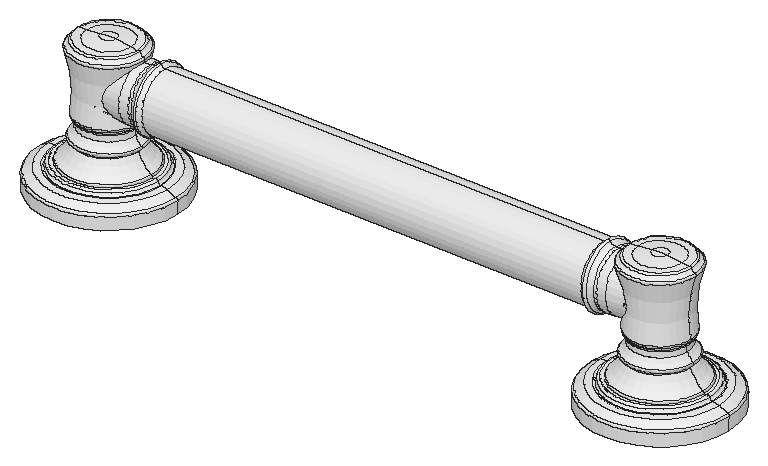
Revit family "Bathroom_Accessory-Delta-Traditional_Decorative_ADA_Grab_Bar-24in", category Plumbing Fixtures, host Face, Revit 2014
Parameters (values of type "41612")
  Width = 1' - 0"
  Warranty URL = "http://www.deltafaucet.com/customersupport/warranty.html"
  WFU = 0
  URL = "http://www.deltafaucet.com/"
  Type Comments = ""
  Series = "Delta"
  Product Page URL = "https://www.deltafaucet.com/bathroom/product/41612"
  Product Name = "Traditional Decorative ADA Grab Bar - 12″"
  Product Documentation Link = "http://www.deltafaucet.com/customersupport/documentation/41624.html?document=ts&fromDetailArea=bath&documentIndex=0#flashWrapper"
  Model = "41612"
  Manufacturer = "DELTA"  # constant formula
  Keynote = ""
  Hot Water Connection = 1/2"
  HWFU = 0
  HWC R = Hot Water Connection / 2  # 1/4"
  Finish = Chrome - DELTA - Polished
  Description = ""
  Default Elevation = 3' - 9 1/4"
  Cost = 0
  Collection = ""
  Cold Water Connection = 1/2"
  CWFU = 0
  CWC R = Cold Water Connection / 2  # 1/4"
  Assembly Code = ""
  Actual Valve Water Flow = 0 GPM
  ADA Compliant = yes
Types (6): name | Width | Product Page URL | Product Name | Model
  (no name) | 1' - 0" | "https://www.deltafaucet.com/bathroom/product/41612" | "Traditional Decorative ADA Grab Bar - 12″" | "41612"
  41624 | 2' - 0" | "https://www.deltafaucet.com/bathroom/product/41624" | "Traditional Decorative ADA Grab Bar - 24″" | "41624"
  41618 | 1' - 6" | "https://www.deltafaucet.com/bathroom/product/41618" | "Traditional Decorative ADA Grab Bar - 18″" | "41618"
  41612 | 1' - 0" | "https://www.deltafaucet.com/bathroom/product/41612" | "Traditional Decorative ADA Grab Bar - 12″" | "41612"
  41636 | 3' - 0" | "https://www.deltafaucet.com/bathroom/product/41636" | "Traditional Decorative ADA Grab Bar - 36″" | "41636"
  41642 | 3' - 6" | "https://www.deltafaucet.com/bathroom/product/41642" | "Traditional Decorative ADA Grab Bar - 42″" | "41642"
Reference planes (in)
  plane 1 "Center (Front/Back)": y = 0
  plane 2: z = 0
  plane 3 "Center (Left/Right)": x = 0
  plane 4: x = -6
  plane 5: x = 6
Forms (in)
  Revolve 1, solid, material "Chrome - DELTA - Polished" <- "Finish"
    sketch origin (0, 0, 0) x (1, 0, 0) y (0, 0, 1)
      loop
        line (-6, 2.10635) -> (6, 2.10635) -> (6, 2.65165) -> (5.292, 2.71127) -> (5.09514, 2.71127) -> (5.03721, 2.71634)
        arc (5.03721, 2.71634) -> (4.96601, 2.73326) -> (4.91196, 2.78261) r 0.14606
        arc (4.91196, 2.78261) -> (4.88329, 2.79983) -> (4.85203, 2.78795) r 0.03828
        arc (4.85203, 2.78795) -> (4.81439, 2.75691) -> (4.77021, 2.73622) r 0.19435
        line (4.77021, 2.73622) -> (-4.779, 2.73622)
        arc (-4.779, 2.73622) -> (-4.82318, 2.75691) -> (-4.86081, 2.78795) r 0.19435
        arc (-4.86081, 2.78795) -> (-4.89208, 2.79983) -> (-4.92075, 2.78261) r 0.03828
        arc (-4.92075, 2.78261) -> (-4.96994, 2.73595) -> (-5.0349, 2.71654) r 0.14606
        line (-5.0349, 2.71654) -> (-5.09514, 2.71127) -> (-5.292, 2.71127) -> (-6, 2.65165) -> (-6, 2.10635)
      axis (6, 2.10635) -> (-6, 2.10635)
    angle from 0 to 360
Lines and regions (in)
  Masking region 1, detail levels coarse
    outline origin (0, 0, 0) x (1, 0, 0) y (0, 0, 1)
      loop
        line (7.50291, 0) -> (7.50291, 2.95273) -> (-7.50242, 2.95273) -> (-7.50242, 0) -> (7.50291, 0)
  Masking region 2, detail levels medium+fine
    outline origin (0, 0, 0) x (1, 0, 0) y (0, 0, 1)
      loop
        arc (-4.779, 2.73622) -> (-4.82318, 2.75691) -> (-4.86081, 2.78795) r 0.19435
        arc (-4.86081, 2.78795) -> (-4.89208, 2.79983) -> (-4.92075, 2.78261) r 0.03828
        arc (-4.92075, 2.78261) -> (-4.96994, 2.73595) -> (-5.0349, 2.71654) r 0.14606
        line (-5.0349, 2.71654) -> (-5.09514, 2.71127) -> (-5.23474, 2.71127)
        arc (-5.23474, 2.71127) -> (-5.36326, 2.11286) -> (-5.33631, 1.50141) r 2.40107
        line (-5.33631, 1.50141) -> (-5.292, 1.50142) -> (-5.09514, 1.50142) -> (-5.0349, 1.49615)
        arc (-5.0349, 1.49615) -> (-4.96994, 1.47674) -> (-4.92075, 1.43008) r 0.14606
        arc (-4.92075, 1.43008) -> (-4.89208, 1.41286) -> (-4.86081, 1.42475) r 0.03828
        arc (-4.86081, 1.42475) -> (-4.82318, 1.45578) -> (-4.779, 1.47647) r 0.19435
        line (-4.779, 1.47647) -> (4.77021, 1.47647)
        arc (4.77021, 1.47647) -> (4.81439, 1.45578) -> (4.85203, 1.42475) r 0.19435
        arc (4.85203, 1.42475) -> (4.88329, 1.41286) -> (4.91196, 1.43008) r 0.03828
        arc (4.91196, 1.43008) -> (4.96601, 1.47943) -> (5.03721, 1.49635) r 0.14606
        line (5.03721, 1.49635) -> (5.09514, 1.50142) -> (5.292, 1.50142) -> (5.33631, 1.50011)
        arc (5.33631, 1.50011) -> (5.36337, 2.11212) -> (5.23565, 2.71127) r 2.41615
        line (5.23565, 2.71127) -> (5.09605, 2.71127) -> (5.03811, 2.71634)
        arc (5.03811, 2.71634) -> (4.96691, 2.73326) -> (4.91287, 2.78261) r 0.14606
        arc (4.91287, 2.78261) -> (4.88419, 2.79983) -> (4.85293, 2.78795) r 0.03828
        arc (4.85293, 2.78795) -> (4.81529, 2.75691) -> (4.77111, 2.73622) r 0.19435
        line (4.77111, 2.73622) -> (-4.779, 2.73622)
Dimensions and locks (in)
  locked: plane 2 to Masking region 1 sketch curve at 2.95273
  plane 4 to Revolve 1 sketch curve to Revolve 1 sketch curve to Revolve 1 sketch curve to Revolve 1 sketch curve to Revolve 1 sketch curve to Revolve 1 sketch curve = 0' - 0.708" locked, 0' - 0.19686" locked, 0' - 0.05204" locked, 0' - 0.15442" locked, 0' - 0.10968" locked, 0' - 0.05968" locked
  plane 5 to Revolve 1 sketch curve to Revolve 1 sketch curve to Revolve 1 sketch curve to Revolve 1 sketch curve to Revolve 1 sketch curve to Revolve 1 sketch curve = 0' - 0.708" locked, 0' - 0.19686" locked, 0' - 0.06083" locked, 0' - 0.15442" locked, 0' - 0.10968" locked, 0' - 0.05968" locked
  Revolve 1 sketch curve to Revolve 1 sketch curve to Revolve 1 sketch curve to Revolve 1 sketch curve to Revolve 1 sketch curve to Revolve 1 sketch curve to Revolve 1 sketch curve to Revolve 1 sketch curve to plane 2 = 0' - 0.05882" locked, 0' - 0.10066" locked, 0' - 0.02548" locked, 0' - 0.02495" locked, 0' - 0.05962" locked, 0' - 0.5453" locked, 0' - 0" locked, 0' - 2.10635" locked
  Revolve 1 sketch curve to Revolve 1 sketch curve to Revolve 1 sketch curve to Revolve 1 sketch curve to Revolve 1 sketch curve to Revolve 1 sketch curve to plane 2 = 0' - 0.05882" locked, 0' - 0.10066" locked, 0' - 0.04537" locked, 0' - 0.00507" locked, 0' - 0.05962" locked, 0' - 2.65165" locked
  equal spacing: plane 4, plane 3 "Center (Left/Right)", plane 5
  "Width": plane 4 to plane 5
  plane 5 to Masking region 2 sketch curve to Masking region 2 sketch curve to Masking region 2 sketch curve to Masking region 2 sketch curve to Masking region 2 sketch curve to Masking region 2 sketch curve to Masking region 2 sketch curve to Masking region 2 sketch curve to Masking region 2 sketch curve to Masking region 2 sketch curve to Masking region 2 sketch curve to Masking region 2 sketch curve to Masking region 2 sketch curve to Masking region 2 sketch curve to Masking region 2 sketch curve = 0' - 0.708" locked, 0' - 0.05635" locked, 0' - 0.1396" locked, 0' - 0.00091" locked, 0' - 0.05703" locked, 0' - 0.00091" locked, 0' - 0.00199" locked, 0' - 0.00091" locked, 0' - 0.15352" locked, 0' - 0.00091" locked, 0' - 0.10878" locked, 0' - 0.00091" locked, 0' - 0.05877" locked, 0' - 0.00091" locked, 0' - 1.755" locked
  plane 4 to Masking region 2 sketch curve to Masking region 2 sketch curve to Masking region 2 sketch curve to Masking region 2 sketch curve to Masking region 2 sketch curve to Masking region 2 sketch curve to Masking region 2 sketch curve to Masking region 2 sketch curve to Masking region 2 sketch curve to Masking region 2 sketch curve to Masking region 2 sketch curve to Masking region 2 sketch curve to Masking region 2 sketch curve to Masking region 2 sketch curve to Masking region 2 sketch curve to Masking region 2 sketch curve = 0' - 0.66369" locked, 0' - 0.04431" locked, 0' - 0.05726" locked, 0' - 0.1396" locked, 0' - 0" locked, 0' - 0.05204" locked, 0' - 0" locked, 0' - 0.0082" locked, 0' - 0" locked, 0' - 0.14622" locked, 0' - 0" locked, 0' - 0.10968" locked, 0' - 0" locked, 0' - 0.05968" locked, 0' - 0" locked, 0' - 1.74871" locked
  locked: Masking region 1 sketch curve to plane 4 at 1.50242
  locked: Masking region 1 sketch curve to plane 5 at 1.50291
  Masking region 2 sketch curve to Masking region 2 sketch curve to Masking region 2 sketch curve to Masking region 2 sketch curve to Masking region 2 sketch curve to Masking region 2 sketch curve to Masking region 2 sketch curve to Masking region 2 sketch curve to Masking region 2 sketch curve to Masking region 2 sketch curve to Masking region 2 sketch curve to Masking region 2 sketch curve to Masking region 2 sketch curve to Masking region 2 sketch curve to Masking region 2 sketch curve to Masking region 2 sketch curve to Masking region 2 sketch curve to Masking region 2 sketch curve to Masking region 2 sketch curve to Masking region 2 sketch curve to Masking region 2 sketch curve to Masking region 2 sketch curve to Masking region 2 sketch curve to Masking region 2 sketch curve to Masking region 2 sketch curve to Masking region 2 sketch curve to plane 2 = 0' - 0" locked, 0' - 0.05882" locked, 0' - 0" locked, 0' - 0.10066" locked, 0' - 0" locked, 0' - 0.02548" locked, 0' - 0.01968" locked, 0' - 0.0002" locked, 0' - 0.00507" locked, 0' - 0" locked, 0' - 0.79926" locked, 0' - 0" locked, 0' - 0.41059" locked, 0' - 0" locked, 0' - 0" locked, 0' - 0" locked, 0' - 0.0013" locked, 0' - 0.00375" locked, 0' - 0.0002" locked, 0' - 0.04516" locked, 0' - 0" locked, 0' - 0.10066" locked, 0' - 0" locked, 0' - 0.05882" locked, 0' - 0" locked, 0' - 1.29151" locked
  aligned and locked: plane 2 to host face
  aligned and locked: level to host face
  aligned and locked: plane 4 to Revolve 1 sketch curve
  aligned and locked: Revolve 1 sketch curve to plane 5
  aligned and locked: nested 1 to plane 4
  aligned and locked: plane 5 to nested 2
  aligned and locked: plane 1 "Center (Front/Back)" to nested 2
  aligned and locked: plane 1 "Center (Front/Back)" to nested 1
  aligned and locked: plane 2 to Masking region 1 sketch curve
Automatic sketch dimensions
  host sketch curve to host sketch curve = 8' - 0"  (x2)
  Revolve 1 sketch curve to Revolve 1 sketch curve = 0' - 0.06024"
  Revolve 1 sketch curve to Revolve 1 sketch curve = 0' - 0.05793"
  Revolve 1 sketch curve to Revolve 1 sketch curve = 0' - 0.00527"
  Revolve 1 sketch curve to Revolve 1 sketch curve = 0' - 0.27112"
  Revolve 1 sketch curve to Revolve 1 sketch curve = 0' - 0.57302"
  Revolve 1 sketch curve to Revolve 1 sketch curve = 0' - 0"  (x2)
  Masking region 2 sketch curve to Masking region 2 sketch curve = 0' - 0.02548"
  Masking region 2 sketch curve to Masking region 2 sketch curve = 0' - 0"  (x4)
Nested families (in)
  nested 1: "Nested_Family_Grab_Bar_Mount" at (-6, 0, 0), type "Grab_Bar_Mount"
  nested 2: "Nested_Family_Grab_Bar_Mount" at (6, 0, 0), type "Grab_Bar_Mount"
Definition of nested family "Nested_Family_Grab_Bar_Mount"
  Parameters (values of type "Grab_Bar_Mount")
    Warranty URL = "http://www.deltafaucet.com/customersupport/warranty.html"
    URL = "http://www.deltafaucet.com/"
    Series = "Delta"
    Product Page URL = "http://www.deltafaucet.com/bath/details/41624.html"
    Product Name = "Traditional Decorative ADA Grab Bar - 24″"
    Product Documentation Link = "http://www.deltafaucet.com/customersupport/documentation/41624.html?document=ts&fromDetailArea=bath&documentIndex=0#flashWrapper"
    Model = "41624"
    Manufacturer = "DELTA"  # constant formula
    Finish = Chrome - DELTA - Polished
    Default Elevation = 3' - 9 1/4"
    Collection = ""
    ADA Compliant = yes
  Reference planes (in)
    plane 1 "Center (Front/Back)": y = 0
    plane 2: z = 0
    plane 3 "Center (Left/Right)": x = 0
  Forms (in)
    Extrusion 1, solid
      sketch origin (0, 0, 0) x (1, 0, 0) y (0, 1, 0)
        loop
          line (-48, 48) -> (-48, -48) -> (48, -48) -> (48, 48) -> (-48, 48)
      from 0 to -12
    Revolve 2, solid, material "Chrome - DELTA - Polished" <- "Finish"
      sketch origin (0, 0, 0) x (1, 0, 0) y (0, 0, 1)
        loop
          line (0, 0) -> (1.50144, 0) -> (1.50144, 0.25937)
          arc (1.50144, 0.25937) -> (1.49369, 0.28861) -> (1.47248, 0.31018) r 0.05905
          line (1.47248, 0.31018) -> (1.29685, 0.4142)
          arc (1.29685, 0.4142) -> (1.22312, 0.42205) -> (1.14925, 0.42832) r 3.46166
          line (1.14925, 0.42832) -> (1.11382, 0.42832)
          arc (1.11382, 0.42832) -> (1.09, 0.45614) -> (1.07634, 0.49011) r 0.11297
          arc (1.07634, 0.49011) -> (1.05455, 0.51455) -> (1.02309, 0.52362) r 0.05906
          line (1.02309, 0.52362) -> (0.94379, 0.52362)
          arc (0.94379, 0.52362) -> (0.942, 0.54506) -> (0.92959, 0.56263) r 0.04095
          arc (0.92959, 0.56263) -> (0.77037, 0.72989) -> (0.65538, 0.93014) r 0.96614
          arc (0.65538, 0.93014) -> (0.67627, 0.96202) -> (0.70637, 0.98539) r 0.11586
          arc (0.70637, 0.98539) -> (0.72336, 1.01401) -> (0.7116, 1.04514) r 0.03838
          arc (0.7116, 1.04514) -> (0.64173, 1.12695) -> (0.59004, 1.22132) r 0.52412
          line (0.59004, 1.22132) -> (0.59004, 1.35925)
          arc (0.59004, 1.35925) -> (0.61768, 1.36533) -> (0.63296, 1.38916) r 0.03705
          arc (0.63296, 1.38916) -> (0.64285, 1.41776) -> (0.65812, 1.44389) r 0.15477
          arc (0.65812, 1.44389) -> (0.6649, 1.45868) -> (0.66535, 1.47494) r 0.04081
          arc (0.66535, 1.47494) -> (0.63731, 2.11465) -> (0.77339, 2.74035) r 2.48935
          arc (0.77339, 2.74035) -> (0.77306, 2.76821) -> (0.75466, 2.78913) r 0.04009
          arc (0.75466, 2.78913) -> (0.70951, 2.82365) -> (0.67734, 2.8705) r 0.18047
          arc (0.67734, 2.8705) -> (0.66251, 2.88706) -> (0.64134, 2.89387) r 0.0425
          line (0.64134, 2.89387) -> (0.48014, 2.9014) -> (0.16019, 2.94204) -> (0, 2.95273) -> (0, 0)
        axis (0, 2.95273) -> (0, 0)
      angle from 0 to 360
  Lines and regions (in)
    Masking region 1, detail levels medium+fine
      outline origin (0, 0, 0) x (1, 0, 0) y (0, 0, 1)
        loop
          line (1.50144, 0) -> (1.50144, 0.25937)
          arc (1.50144, 0.25937) -> (1.49369, 0.28861) -> (1.47248, 0.31018) r 0.05905
          line (1.47248, 0.31018) -> (1.29685, 0.4142)
          arc (1.29685, 0.4142) -> (1.22312, 0.42205) -> (1.14925, 0.42832) r 3.46166
          line (1.14925, 0.42832) -> (1.11382, 0.42832)
          arc (1.11382, 0.42832) -> (1.09, 0.45614) -> (1.07634, 0.49011) r 0.11297
          arc (1.07634, 0.49011) -> (1.05455, 0.51455) -> (1.02309, 0.52362) r 0.05906
          line (1.02309, 0.52362) -> (0.94379, 0.52362)
          arc (0.94379, 0.52362) -> (0.942, 0.54506) -> (0.92959, 0.56263) r 0.04095
          arc (0.92959, 0.56263) -> (0.77037, 0.72989) -> (0.65538, 0.93014) r 0.96614
          arc (0.65538, 0.93014) -> (0.67627, 0.96202) -> (0.70637, 0.98539) r 0.11586
          arc (0.70637, 0.98539) -> (0.72336, 1.01401) -> (0.7116, 1.04514) r 0.03838
          arc (0.7116, 1.04514) -> (0.64173, 1.12695) -> (0.59004, 1.22132) r 0.52412
          line (0.59004, 1.22132) -> (0.59004, 1.35925)
          arc (0.59004, 1.35925) -> (0.61768, 1.36533) -> (0.63296, 1.38916) r 0.03705
          arc (0.63296, 1.38916) -> (0.64285, 1.41776) -> (0.65812, 1.44389) r 0.15477
          arc (0.65812, 1.44389) -> (0.6649, 1.45868) -> (0.66535, 1.47494) r 0.04081
          arc (0.66535, 1.47494) -> (0.63731, 2.11465) -> (0.77339, 2.74035) r 2.48935
          arc (0.77339, 2.74035) -> (0.77306, 2.76821) -> (0.75466, 2.78913) r 0.04009
          arc (0.75466, 2.78913) -> (0.70951, 2.82365) -> (0.67734, 2.8705) r 0.18047
          arc (0.67734, 2.8705) -> (0.66251, 2.88706) -> (0.64134, 2.89387) r 0.0425
          line (0.64134, 2.89387) -> (0.48014, 2.9014) -> (0.16019, 2.94204) -> (0, 2.95273) -> (-0.16019, 2.94204) -> (-0.48014, 2.9014) -> (-0.64134, 2.89387)
          arc (-0.64134, 2.89387) -> (-0.66251, 2.88706) -> (-0.67734, 2.8705) r 0.0425
          arc (-0.67734, 2.8705) -> (-0.70951, 2.82365) -> (-0.75466, 2.78913) r 0.18047
          arc (-0.75466, 2.78913) -> (-0.77306, 2.76821) -> (-0.77339, 2.74035) r 0.04009
          arc (-0.77339, 2.74035) -> (-0.63731, 2.11465) -> (-0.66535, 1.47494) r 2.48935
          arc (-0.66535, 1.47494) -> (-0.6649, 1.45868) -> (-0.65812, 1.44389) r 0.04081
          arc (-0.65812, 1.44389) -> (-0.64285, 1.41776) -> (-0.63296, 1.38916) r 0.15477
          arc (-0.63296, 1.38916) -> (-0.61768, 1.36533) -> (-0.59004, 1.35925) r 0.03705
          line (-0.59004, 1.35925) -> (-0.59004, 1.22132)
          arc (-0.59004, 1.22132) -> (-0.64173, 1.12695) -> (-0.7116, 1.04514) r 0.52412
          arc (-0.7116, 1.04514) -> (-0.72336, 1.01401) -> (-0.70637, 0.98539) r 0.03838
          arc (-0.70637, 0.98539) -> (-0.67627, 0.96202) -> (-0.65538, 0.93014) r 0.11586
          arc (-0.65538, 0.93014) -> (-0.77037, 0.72989) -> (-0.92959, 0.56263) r 0.96614
          arc (-0.92959, 0.56263) -> (-0.942, 0.54506) -> (-0.94379, 0.52362) r 0.04095
          line (-0.94379, 0.52362) -> (-1.02309, 0.52362)
          arc (-1.02309, 0.52362) -> (-1.05455, 0.51455) -> (-1.07634, 0.49011) r 0.05906
          arc (-1.07634, 0.49011) -> (-1.09, 0.45614) -> (-1.11382, 0.42832) r 0.11297
          line (-1.11382, 0.42832) -> (-1.14925, 0.42832)
          arc (-1.14925, 0.42832) -> (-1.22312, 0.42205) -> (-1.29685, 0.4142) r 3.46166
          line (-1.29685, 0.4142) -> (-1.47248, 0.31018)
          arc (-1.47248, 0.31018) -> (-1.49369, 0.28861) -> (-1.50144, 0.25937) r 0.05905
          line (-1.50144, 0.25937) -> (-1.50144, 0) -> (1.50144, 0)
  Dimensions and locks (in)
    Revolve 2 sketch curve to Revolve 2 sketch curve to Revolve 2 sketch curve to Revolve 2 sketch curve to Revolve 2 sketch curve to Revolve 2 sketch curve to Revolve 2 sketch curve to Revolve 2 sketch curve to Revolve 2 sketch curve to Revolve 2 sketch curve to Revolve 2 sketch curve to Revolve 2 sketch curve to Revolve 2 sketch curve to Revolve 2 sketch curve to Revolve 2 sketch curve to Revolve 2 sketch curve to Revolve 2 sketch curve to Revolve 2 sketch curve to Revolve 2 sketch curve to Revolve 2 sketch curve to Revolve 2 sketch curve to plane 2 = 0' - 0.00477" locked, 0' - 0.00592" locked, 0' - 0.04064" locked, 0' - 0.04999" locked, 0' - 0.09758" locked, 0' - 0.85095" locked, 0' - 0.43496" locked, 0' - 0.04331" locked, 0' - 0.02889" locked, 0' - 0.04262" locked, 0' - 0.04547" locked, 0' - 0.29029" locked, 0' - 0.13392" locked, 0' - 0.35238" locked, 0' - 0.00743" locked, 0' - 0.0089" locked, 0' - 0.05016" locked, 0' - 0.03625" locked, 0' - 0.01412" locked, 0' - 0.15483" locked, 0' - 0.25937" locked
    Revolve 2 sketch curve to Revolve 2 sketch curve to Revolve 2 sketch curve to Revolve 2 sketch curve to Revolve 2 sketch curve to Revolve 2 sketch curve to Revolve 2 sketch curve to Revolve 2 sketch curve to Revolve 2 sketch curve to Revolve 2 sketch curve to Revolve 2 sketch curve to Revolve 2 sketch curve to Revolve 2 sketch curve to Revolve 2 sketch curve to Revolve 2 sketch curve to Revolve 2 sketch curve to Revolve 2 sketch curve to Revolve 2 sketch curve to Revolve 2 sketch curve to Revolve 2 sketch curve to Revolve 2 sketch curve to plane 3 "Center (Left/Right)" = 0' - 1.57292" locked, 0' - 0.04328" locked, 0' - 0.05905" locked, 0' - 0.14555" locked, 0' - 0.11025" locked, 0' - 0.03734" locked, 0' - 0.07613" locked, 0' - 0.05003" locked, 0' - 0.11958" locked, 0' - 0.06318" locked, 0' - 0.05686" locked, 0' - 0.02206" locked, 0' - 0.02578" locked, 0' - 0.0505" locked, 0' - 0.04577" locked, 0' - 0.01421" locked, 0' - 0.02865" locked, 0' - 0.00647" locked, 0' - 0.1099" locked, 0' - 0.31994" locked, 0' - 0.16019" locked
    aligned and locked: plane 2 to Extrusion 1
    aligned and locked: level to Extrusion 1
    aligned and locked: Revolve 2 sketch curve to plane 3 "Center (Left/Right)"  (x2)
    aligned and locked: Revolve 2 sketch curve to plane 2
    aligned and locked: Masking region 1 sketch curve to plane 2
